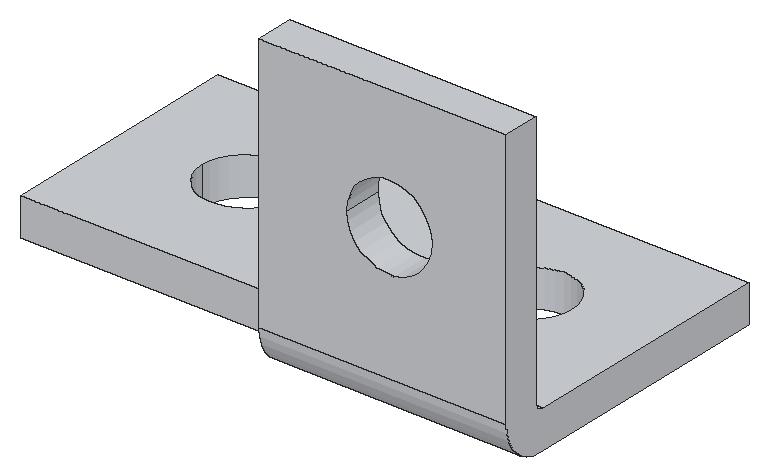
Revit family "Fitting-Ninety_Degree_Angle-Unistrut-P1037", category Specialty Equipment, Revit 2012
Parameters
  ecoScorecard_data = "http://products.ecoscorecard.com/atkore/P1037"
  ecoScorecard Product Page = "http://products.ecoscorecard.com/atkore/P1037?action=html"
  Weight Per Piece = 0.58 lbf
  Unit = none
  Unistrut Part Number = "P1037"  # constant formula
  URL = "http://unistrut.us/index.php"
  Thickness = 1/4"  # constant formula
  Subcategory = "Nintey Degree Angle Fittings"  # constant formula
  Product Page URL = "http://unistrut.us/index.php?WP=cat_detail&S=S05&P=P1037"
  Part Type = "Fitting"  # constant formula
  Overall Width = 3 1/2"  # constant formula
  Overall Length = 1 5/8"  # constant formula
  Overall Height = 2"  # constant formula
  Model = "P1037"  # constant formula
  Material = ""
  Manufacturer Phone - Toll Free = "800-882-5543"  # constant formula
  Manufacturer Phone = "708-339-1610"  # constant formula
  Manufacturer Fax = "708-339-7814"  # constant formula
  Manufacturer Email = "mailto:jshaw@atkore.com"
  Manufacturer Address = "16100 South Lathrop Avenue, Harvey, IL 60426"  # constant formula
  Manufacturer = "Unistrut by Atkore International"  # constant formula
  Load Capacity Note = "Visit the product page for load application and capacity."  # constant formula
  Literature URL = "http://unistrut.us/index.php?WP=LItLibrary"
  Hole Diameter = 9/16"  # constant formula
  Cost Info = "mailto:jshaw@atkore.com"
  CAD URL = "http://unistrut.us/index.php?WP=CAD3d"
  Assembly Code = "D5020100"
  95 CSI = "16070"  # constant formula
  04 CSI = "26 05 48"  # constant formula
Reference planes (in)
  plane 1 "Center (Front/Back)": y = 0
  plane 2: z = 0
  plane 3 "Center (Left/Right)": x = 0
  plane 4: y = -2
  plane 5: x = -1.75
  plane 6: x = 1.75
  plane 7: y = -1
  plane 8: z = 2
  plane 9: x = 0.9375
  plane 10: y = -0.78972
  plane 11: x = -0.9375
  plane 12: z = 1.1875
Dimensions and locks (in)
  plane 1 "Center (Front/Back)" to plane 4 = 2"
  "Overall Width": plane 5 to plane 6
  equal spacing: plane 5, plane 3 "Center (Left/Right)", plane 6
  "Overall Height": plane 8 to plane 2
  "Overall Length": nested 1 to plane 1 "Center (Front/Back)"
  "Overall Length": nested 1 to plane 6
  "Thickness": plane 4 to nested 1
  "Thickness": nested 1 to plane 2
  aligned and locked: level to plane 2
  aligned and locked: plane 5 to nested 1
  aligned and locked: plane 1 "Center (Front/Back)" to nested 1
Nested families (in)
  nested 1: "1037" at (0, 0, 0), type "1037"
Definition of nested family "1037"
  Parameters (values of type "1037")
    Unit = none
    URL = ""
    Manufacturer = ""
    Assembly Code = ""
  Reference planes (in)
    plane 1 "Center (Front/Back)": y = 0
    plane 2: z = 0
    plane 3 "Center (Left/Right)": x = 0
    plane 4: y = -2
    plane 5: x = -1.75
    plane 6: x = 1.75
    plane 7: x = 0.9626
    plane 8: z = 0.25
  Forms (in)
    Extrusion 1, solid, material <- "Unit"
      sketch origin (-0.69459, -1.41732, 0) x (1, 0, 0) y (0, 1, 0)
        loop
          line (2.44459, 1.41732) -> (-1.05541, 1.41732) -> (-1.05541, -0.20768) -> (2.44459, -0.20768) -> (2.44459, 1.41732)
      from 0 to 0.25
    Extrusion 2, void
      sketch origin (0, 0, 0) x (1, 0, 0) y (0, 1, 0)
        loop
          circle (-0.9375, -0.78972) r 0.28125
        loop
          circle (0.9375, -0.78972) r 0.28125
      from 0 to 0.25
    Extrusion 3, void
      sketch origin (0, 0, 0) x (1, 0, 0) y (0, 0, 1)
        loop
          circle (0.98604, 1.1875) r 0.28125
      from 1.75 to 2
    Extrusion 4, solid, material <- "Unit"
      sketch origin (-0.71625, -1.52756, 0) x (0, 0, 1) y (0, 1, 0)
        loop
          line (0.28924, -0.47244) -> (2, -0.47244) -> (2, -0.22244) -> (0.3129, -0.22244)
          arc (0.3129, -0.22244) -> (0.26842, -0.20402) -> (0.25, -0.15955) r 0.0629
          line (0.25, -0.15955) -> (0.25, -0.09744) -> (0, -0.09744) -> (0, -0.1832)
          arc (0, -0.1832) -> (0.08472, -0.38772) -> (0.28924, -0.47244) r 0.28924
      from -2.46625 to -0.84125
  Cuts and joins
    Extrusion 2 cuts Extrusion 1
    Extrusion 3 cuts Extrusion 4
    joined: Extrusion 1, Extrusion 4
  Dimensions and locks (in)
    plane 1 "Center (Front/Back)" to plane 4 = 2"
    locked: Extrusion 1 sketch curve to Extrusion 1 sketch curve at 1.625
    plane 5 to plane 6 = 3 1/2"
    locked: cut or joined group of Extrusion 1, Extrusion 2, Extrusion 3, Extrusion 4 to Extrusion 2 sketch curve at 0.8125
    locked: Extrusion 2 sketch curve to Extrusion 2 sketch curve at 1.875
    locked: plane 8 to plane 2 at 0.25
    aligned and locked: level to plane 2
    aligned and locked: Extrusion 4 sketch curve to cut or joined group of Extrusion 1, Extrusion 2, Extrusion 3, Extrusion 4
    aligned and locked: Extrusion 4 to Extrusion 3  (x2)
    aligned and locked: Extrusion 1 to Extrusion 2  (x2)
    aligned and locked: plane 8 to cut or joined group of Extrusion 1, Extrusion 2, Extrusion 3, Extrusion 4
